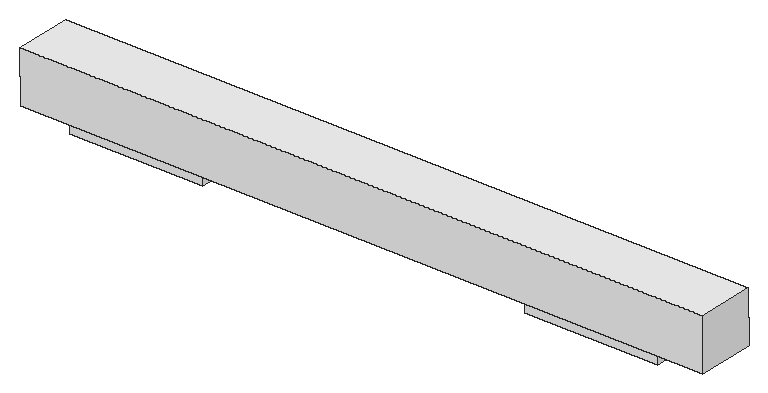
Revit family "22-W-I", category Lighting Fixtures, host Face, Revit 2014
Parameters (values of type "22-W-I-03")
  zz YesNo 2 = yes
  zz YesNo 1 = no
  Wattage = 4 W
  Warranty = "1-Years Warranty"  # constant formula
  built-in parameter 1150110 = 1 (stored number, unit not read)
  Voltage = 120 V
  Type Comments = "Lighting Fixture"  # constant formula
  built-in parameter 1114217 = 1 (stored number, unit not read)
  Tilt Angle = -90.00°
  built-in parameter 1150109 = 1 (stored number, unit not read)
  built-in parameter 1150134 = (empty or 0)
  built-in parameter 1150113 = 1 (stored number, unit not read)
  Product Page URL = "https://www.hubbell.com/litecontrol/en/Products/Lighting-Controls/Commercial-Indoor-Lighting/Wall-Mount/MOD-22-Wall-Indirect/p/277654"
  Product Documentation Link = "https://hubbellcdn.com/specsheet/22_w_i.pdf"
  Power Factor = 1
  Photometric Web File = "generic.ies"
  zz Length 1 = 3' - 0"
  Wattage Comments = ""
  URL = "https://www.hubbell.com/litecontrol/en/"
  Mounting = "Wall-Mount"  # constant formula
  Model = "MOD 22 Wall Indirect"  # constant formula
  Manufacturer = "Litecontrol Lighting"  # constant formula
  built-in parameter 1150105 = 39.789 (stored number, unit not read)
  Lumens = 500 lm
  built-in parameter 1150115 = 1 (stored number, unit not read)
  Load Classification = Lighting
  built-in parameter 1150137 = (empty or 0)
  built-in parameter 1150139 = (empty or 0)
  built-in parameter 1150112 = 1 (stored number, unit not read)
  built-in parameter 1150114 = 1 (stored number, unit not read)
  Lamp = "Fluorescent"  # constant formula
  built-in parameter 1150132 = (empty or 0)
  built-in parameter 1150102 = (empty or 0)
  built-in parameter 1150107 = 3500 (stored number, unit not read)
  built-in parameter 1150138 = (empty or 0)
  built-in parameter 1150106 = 0.39789 (stored number, unit not read)
  Glass = Glass - Hubbell - White
  Fixture Distribution = "Indirect"  # constant formula
  Emit from Rectangle Width = zz Length 1 - 0' 2"  # 2' - 10"
  Emit from Rectangle Length = 0' - 2"  # constant formula
  Emit Shape Visible in Rendering = no
  built-in parameter 1150104 = 11.613 (stored number, unit not read)
  Dimming Lamp Color Temperature Shift = <None>
  Description = "The ADA-compliant MOD 22 Wall is a small-scale extruded aluminum fixture available three lamp choices. It's small housing provides a clean, minimalist look in both small and large areas and is a complement to any project"  # constant formula
  Default Elevation = 4' - 0"
  Copyright = "Copyright © 2020 Litecontrol"  # constant formula
  Contact Us = "https://www.hubbell.com/litecontrol/en/contactUs"
  Color Filter = 16777215
  built-in parameter 1114218 = 1 (stored number, unit not read)
  Housing Material = Paint - Hubbell - Matte White
  built-in parameter 1150133 = 10 (stored number, unit not read)
  Assembly Code = "D5020200"
  Apparent Load = 0 VA
Types (6): name | zz YesNo 1 | zz Length 1 | Emit from Rectangle Width
  (no name) | no | 3' - 0" | 2' - 10"
  22-W-I-04 | no | 4' - 0" | 3' - 10"
  22-W-I-03 | no | 3' - 0" | 2' - 10"
  22-W-I-06 | no | 6' - 0" | 5' - 10"
  22-W-I-08 | no | 8' - 0" | 7' - 10"
  22-W-I-12 | yes | 12' - 0" | 11' - 10"
Reference planes (in)
  plane 1 "Center (Front/Back)": y = 13.01342
  plane 2: z = 0
  plane 3 "Center (Left/Right)": x = 0
Dimensions and locks (in)
  aligned and locked: plane 2 to host face
  aligned and locked: level to host face
  aligned and locked: plane 3 "Center (Left/Right)" to imposter light
  aligned and locked: plane 3 "Center (Left/Right)" to nested 1
  aligned and locked: imposter light to nested 1  (x2)
Nested families (in)
  nested 1: "22-W" at (-0.01104, 14.51342, 1.83501) x (1, 0, 0) z (0, -1, 0), Glass <- "Glass", Backbox <- "Housing Material", Length <- "zz Length 1", type "22-W"
    with Length 3' - 0", Glass Glass - Hubbell - White, Backbox Paint - Hubbell - Matte White, zz YesNo 1 no
Connectors (in)
  electrical at (0, 13.01342, 0.5), driven by "Load Classification", driven by "Voltage", driven by "Apparent Load", driven by "Power Factor"
    settings: on nested 1, index 1, voltage 120 V, apparent load 0 VA, apparent load phase1 0 VA, apparent load phase2 0 VA, apparent load phase3 0 VA, power factor 1, load classification "Lighting", number of poles 1, system type 30, power factor state 1, is connector primary yes, connector utility no, sub classification motor no, connector description "Electrical Connector"
Definition of nested family "22-W"
  Parameters (values of type "22-W")
    zz YesNo 2 = yes
    zz YesNo 1 = yes
    Wattage Comments = ""
    URL = ""
    Model = ""
    Manufacturer = ""
    Length [instance] = 6' - 0"
    Lamp = ""
    Glass [instance] = none
    Description = ""
    Default Elevation = 4' - 0"
    Backbox [instance] = none
    Apparent Load = 0 VA
  Reference planes (in)
    plane 1 "Center (Front/Back)": y = 0.03999
    plane 2: z = 0
    plane 3 "Center (Left/Right)": x = 0.01104
    plane 4: z = 3
    plane 5: z = 1
    plane 6: x = -35.98896
    plane 7: x = 36.01104
    plane 8: x = -34.98896
    plane 9: x = 35.01104
    plane 10: y = 1.28999
    plane 11: y = -1.21001
    plane 12: y = -1.33501
    plane 13: y = 1.41499
    plane 14: z = 0.125
    plane 15: y = -1.83501
    plane 16: z = 2.875
    plane 17: x = -29.98896
    plane 18: x = -33.48896
    plane 19: x = -26.48896
    plane 20: x = 30.01104
    plane 21: x = 33.51104
    plane 22: x = 26.51104
    plane 23: x = -3.48896
    plane 24: x = 3.51104
  Forms (in)
    Extrusion 1, solid
      sketch origin (0, 0, 0.06357) x (1, 0, 0) y (0, 1, 0)
        loop
          line (-48, 48) -> (-48, -48) -> (48, -48) -> (48, 48) -> (-48, 48)
      from -0.06357 to -12.81105
    Extrusion 2, void
      sketch origin (-23.78896, 8.13374, 2) x (0, -1, 0) y (1, 0, 0)
        loop
          line (6.84375, -11.2) -> (9.34375, -11.2) -> (9.34375, 58.8) -> (6.84375, 58.8) -> (6.84375, -11.2)
      from -1 to -2
    Extrusion 3, solid, material <- "Backbox"
      sketch origin (0.01104, 0, 0) x (0, 1, 0) y (0, 0, 1)
        loop
          line (1.41499, 3) -> (-1.33501, 3) -> (-1.33501, 0) -> (1.41499, 0) -> (1.41499, 3)
      from -36 to 36
    Extrusion 4, solid, material <- "Glass"
      sketch origin (0, 0, 4.3125) x (0, -1, 0) y (1, 0, 0)
        loop
          line (-1.28999, -34.98896) -> (1.21001, -34.98896) -> (1.21001, 35.01104) -> (-1.28999, 35.01104) -> (-1.28999, -34.98896)
      from -4.3125 to -4.1875
    Extrusion 5, solid, material <- "Backbox", visible <- "zz YesNo 2"
      sketch origin (0.01104, 0, 0) x (0, 1, 0) y (0, 0, 1)
        loop
          line (-1.33501, 2.875) -> (-1.83501, 2.875) -> (-1.83501, 0.125) -> (-1.33501, 0.125) -> (-1.33501, 2.875)
      from 26.5 to 33.5
    Extrusion 6, solid, material <- "Backbox", visible <- "zz YesNo 2"
      sketch origin (0.01104, 0, 0) x (0, 1, 0) y (0, 0, -1)
        loop
          line (-1.33501, -2.875) -> (-1.33501, -0.125) -> (-1.83501, -0.125) -> (-1.83501, -2.875) -> (-1.33501, -2.875)
      from 26.5 to 33.5
    Extrusion 7, solid, material <- "Backbox", visible <- "zz YesNo 1"
      sketch origin (18.01104, 0, 0) x (0, 1, 0) y (0, 0, -1)
        loop
          line (-1.33501, -2.875) -> (-1.33501, -0.125) -> (-1.83501, -0.125) -> (-1.83501, -2.875) -> (-1.33501, -2.875)
      from 14.5 to 21.5
  Cuts and joins
    Extrusion 2 cuts Extrusion 3
  Dimensions and locks (in)
    "Length": plane 7 to plane 6
    locked: plane 8 to plane 6 at 1
    locked: plane 7 to plane 9 at 1
    equal spacing: plane 7, plane 3 "Center (Left/Right)", plane 6
    plane 10 to plane 11 = 0' - 2 1/2"
    equal spacing: plane 10, plane 1 "Center (Front/Back)", plane 11
    plane 12 to plane 13 = 0' - 2 3/4"
    plane 12 to plane 1 "Center (Front/Back)" = 0' - 1 3/8"
    equal spacing: plane 13, plane 1 "Center (Front/Back)", plane 12
    plane 4 to plane 2 = 0' - 3"
    plane 14 to plane 2 = 0' - 0 1/8"
    locked: plane 5 to plane 2 at 1
    locked: plane 12 to plane 15 at 0.5
    locked: plane 4 to plane 16 at 0.125
    locked: plane 17 to plane 6 at 6
    plane 19 to plane 17 to plane 18 = 0' - 3 1/2" locked, 0' - 3 1/2" locked
    plane 21 to plane 20 to plane 22 = 0' - 3 1/2" locked, 0' - 3 1/2" locked
    plane 24 to plane 3 "Center (Left/Right)" to plane 23 = 0' - 3 1/2" locked, 0' - 3 1/2" locked
    locked: plane 20 to plane 7 at 6
    aligned and locked: plane 2 to Extrusion 1
    aligned and locked: plane 10 to Extrusion 2 sketch curve
    aligned and locked: plane 11 to Extrusion 2 sketch curve
    aligned and locked: plane 4 to Extrusion 3 sketch curve
    aligned and locked: plane 13 to Extrusion 3 sketch curve
    aligned and locked: Extrusion 3 sketch curve to level
    aligned and locked: plane 12 to Extrusion 3 sketch curve
    aligned and locked: Extrusion 3 to plane 6
    aligned and locked: plane 7 to Extrusion 3
    aligned and locked: plane 9 to Extrusion 2
    aligned and locked: Extrusion 2 to plane 8
    aligned and locked: cut or joined group of Extrusion 2, Extrusion 3 to plane 2
    aligned and locked: Extrusion 4 to plane 2
    aligned and locked: plane 14 to Extrusion 4
    aligned and locked: plane 5 to cut or joined group of Extrusion 2, Extrusion 3
    aligned and locked: Extrusion 5 sketch curve to plane 14
    aligned and locked: plane 16 to Extrusion 5
    aligned and locked: plane 15 to Extrusion 5
    aligned and locked: Extrusion 5 to plane 14
    aligned and locked: Extrusion 5 to plane 12
    aligned and locked: Extrusion 5 to plane 21
    aligned and locked: Extrusion 5 to plane 22
    aligned and locked: Extrusion 6 to plane 18
    aligned and locked: Extrusion 6 to plane 19
    aligned and locked: Extrusion 7 to plane 23
    aligned and locked: Extrusion 7 to plane 24
  Automatic sketch dimensions
    Extrusion 1 sketch curve to Extrusion 1 sketch curve = 8' - 0"  (x2)
    Extrusion 2 sketch curve to plane 8 = 0' - 0"
    Extrusion 2 sketch curve to plane 9 = 0' - 0"
    Extrusion 4 sketch curve to plane 9 = 0' - 0"
    plane 10 to Extrusion 4 sketch curve = 0' - 0"
    Extrusion 4 sketch curve to plane 8 = 0' - 0"
    Extrusion 4 sketch curve to plane 11 = 0' - 0"
    Extrusion 5 sketch curve to plane 15 = 0' - 0"
    Extrusion 5 sketch curve to plane 12 = 0' - 0"
    Extrusion 5 sketch curve to plane 16 = 0' - 0"
    Extrusion 6 sketch curve to plane 15 = 0' - 0"
    Extrusion 6 sketch curve to plane 12 = 0' - 0"
    Extrusion 6 sketch curve to plane 16 = 0' - 0"
    Extrusion 6 sketch curve to plane 14 = 0' - 0"
    Extrusion 7 sketch curve to plane 15 = 0' - 0"
    Extrusion 7 sketch curve to plane 12 = 0' - 0"
    Extrusion 7 sketch curve to plane 16 = 0' - 0"
    Extrusion 7 sketch curve to plane 14 = 0' - 0"
